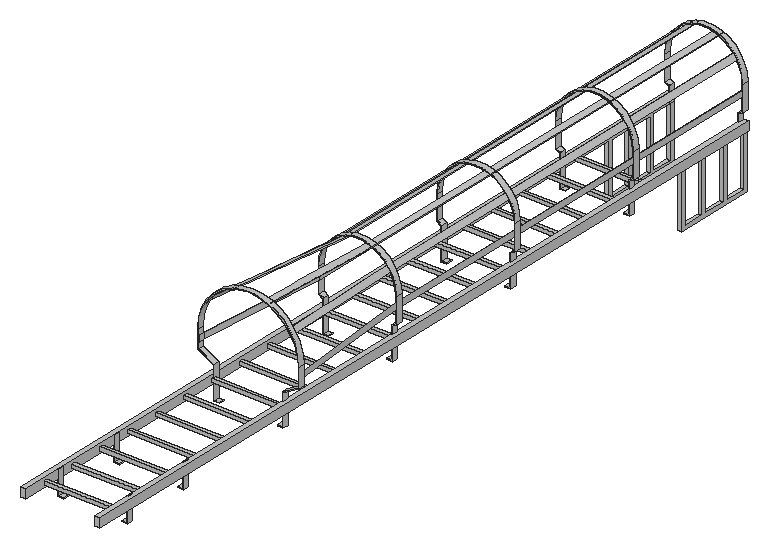
Revit family "70376275-2286-4562-be80-97e4037d315e", category Generic Models, Revit 2012
Parameters (values of type "24"" Wide")
  offset [instance] = 0' - 0"
  Bottom Wall Bracket Count [instance] = 2
  makerung [instance] = calcnumrung  # 20
  makecagebracket [instance] = 1 + ((Accomodation Height_Level to Level - Cage Starting Height - 0' 6" - 4' 0") / 4' 0")  # 3
  calcnumrung [instance] = Accomodation Height_Level to Level / 1' 0"  # 20
  cagevoidinset [instance] = if(Unit Width = 2' 0", 0' 2 19/256", 0' 0 147/256")  # 0' - 2 19/256"
  cagevoidangle3 [instance] = cagevoidangle1 + cagevoidangle2  # 63.00°
  cagevoidangle2 [instance] = 32.00°  # constant formula
  cagevoidangle1 [instance] = 31.00°  # constant formula
  cagebarinset [instance] = if(Unit Width = 2' 0", 0' 2 1/4", 0' 0 3/4")  # 0' - 2 1/4"
  Warranty Duration (Years) = 0
  Wall Bracket Spacing [instance] = 2' - 0"
  Unit Width = 2' - 0"
  Unit Height [instance] = Accomodation Height_Level to Level + 0' 8"  # 20' - 8"
  URL = "http://www.aclindustries.com/"
  Top Level to Ladder Wall Bracket CL = 0' - 6"  # constant formula
  Standards Conformance = "OSHA and ANSI A14.3"
  Specification = ""
  SpecWizard = ""
  Send Message = "http://www.arcat.com/users.pl?action=UserEmail&company=UPNOVR,+Inc.&coid=47852&rep=116&fax=&mf="
  Sales Information = "http://www.aclindustries.com/contact-us.html"
  Rung Spacing = 1' - 0"  # constant formula
  Revision = "R1_04-2013"
  Projection from Host [instance] = 0' - 7"
  Product Properties = ""
  Product Data = "http://www.arcat.com/arcatcos/cos47/arc47852.html"
  Model = "U-301"
  Manufacturer Website = "http://www.aclindustries.com/"
  Manufacturer Phone - Toll Free = ""
  Manufacturer Phone = "603-625-8639"
  Manufacturer Fax = ""
  Manufacturer Address = "3 Crane Way Hooksett, NH 03106"
  Manufacturer = "UPNOVR, Inc."
  Maintenance Schedule (Months) = 0
  Frame Material = Metal - UPNOVR - 6061-T6 Aluminum
  Frame Finish [instance] = Finish - UPNOVR - Mill
  Cage Starting Height [instance] = 7' - 0"
  Cage Diameter [instance] = Unit Width + 0' 3"  # 2' - 3"
  Cage Depth [instance] = Unit Width + 0' 3"  # 2' - 3"
  Cage Base Diameter [instance] = Unit Width + 0' 11"  # 2' - 11"
  Cage Base Depth [instance] = Unit Width + 0' 7"  # 2' - 7"
  Bottom Level to Ladder Stringer [instance] = 0' - 3"
  Keynote = "05510"
  Installation-Fabrication = ""
  Installation Phase = ""
  Green Building-LEED = "http://www.arcat.com/green/clients/leed_data_47852.html"
  Expected Lifespan (Years) = 0
  Drawn By = "Sumex Design, Inc. / Robert S. Weygant, CSI, CDT, SCIP"
  Description = "UPNOVR U-301 Roof Access Caged Vertical Aluminum Ladder"
  Default Elevation = 4' - 0"
  Copyright = "©Arcat Inc."
  Construction Details = ""
  Capacity = "1000 lbs per rung"
  Bottom Level to First Wall Bracket CL [instance] = 1' - 6"
  Bottom Level to First Rung Height [instance] = 1' - 0"
  Assembly Code = "E1090900"
  Accomodation Height_Level to Level [instance] = 20' - 0"
Types (2): name | cagevoidinset | cagebarinset | Unit Width | Cage Diameter | Cage Depth | Cage Base Diameter | Cage Base Depth
  24"" Wide | 0' - 2 19/256" | 0' - 2 1/4" | 2' - 0" | 2' - 3" | 2' - 3" | 2' - 11" | 2' - 7"
  18"" Wide | 0' - 0 147/256" | 0' - 0 3/4" | 1' - 6" | 1' - 9" | 1' - 9" | 2' - 5" | 2' - 1"
Reference planes (in)
  plane 1 "Center Elevation": y = 118
  plane 2 "Bottom": z = 0
  plane 3 "Center (Left/Right)": x = 0
  plane 4 "Bottom of Ladder": y = -20
  plane 5 "Top of Ladder": y = 259
  plane 6 "Left": x = -12
  plane 7 "Right": x = 12
  plane 8 "Top": z = 7
  plane 9 "Bottom Level": y = -23
  plane 10: y = 217
  plane 11: y = 211
  plane 12: y = -11
  plane 13: y = 1
  plane 14: y = 61
  plane 15: y = 109
  plane 16: z = 38
  plane 17: z = 34
  plane 18: x = -17.5
  plane 19: x = 17.5
  plane 20: x = 13.5
  plane 21: x = -13.5
  plane 22: z = 20.5
  plane 23: z = 11
  plane 24: z = 14.17543
  plane 25: y = 108
  plane 26: y = 61.25
  plane 27: y = 63
  plane 28: y = -5
  plane 29: y = 19
  plane 30: y = 258.75
  plane 31: y = 231
  plane 32: z = -13.5
  plane 33: y = 240.33333
  plane 34: y = 249.66667
Forms (in)
  Extrusion 1, solid, material "Finish - UPNOVR - Mill" <- "Frame Finish"
    sketch origin (0, 118, 0) x (1, 0, 0) y (0, 0, 1)
      loop
        line (-12, 8.5) -> (-13.75, 8.5) -> (-13.75, 5.5) -> (-12, 5.5) -> (-12, 8.5)
      loop
        line (12, 8.5) -> (12, 5.5) -> (13.75, 5.5) -> (13.75, 8.5) -> (12, 8.5)
    from -141 to 138
  Sweep 2, solid, material "Finish - UPNOVR - Mill" <- "Frame Finish"
    path origin (0, 118, 0) x (1, 0, 0) y (0, 0, 1)
      loop
        line (10, 0) -> (12, 0) -> (12, 11) -> (17.5, 14.17543) -> (17.5, 20.5)
        arc (17.5, 20.5) -> (0, 38) -> (-17.5, 20.5) r 17.5
        line (-17.5, 20.5) -> (-17.5, 14.17543) -> (-12, 11) -> (-12, 0) -> (-10, 0)
    profile origin (-11, 118, 0) x (0, 0, 1) y (0, -1, 0)
      loop
        line (0, 57) -> (0, 55) -> (0.25, 55) -> (0.25, 57) -> (0, 57)
  Blend 3, solid, material "Finish - UPNOVR - Mill" <- "Frame Finish"
    base sketch origin (0, 118, 0) x (1, 0, 0) y (0, 0, 1)
      loop
        line (-17.25, 16.42543) -> (-17, 16.42543) -> (-17, 20.5)
        arc (-17, 20.5) -> (0, 37.5) -> (17, 20.5) r 17
        line (17, 20.5) -> (17, 16.42543) -> (17.25, 16.42543) -> (17.25, 20.5)
        arc (17.25, 20.5) -> (0, 37.75) -> (-17.25, 20.5) r 17.25
        line (-17.25, 20.5) -> (-17.25, 16.42543)
    top sketch origin (0, 118, 0) x (1, 0, 0) y (0, 0, 1)
      loop
        line (-13.25, 16.42543) -> (-13, 16.42543) -> (-13, 20.5)
        arc (-13, 20.5) -> (0, 33.5) -> (13, 20.5) r 13
        line (13, 20.5) -> (13, 16.42543) -> (13.25, 16.42543) -> (13.25, 20.5)
        arc (13.25, 20.5) -> (0, 33.75) -> (-13.25, 20.5) r 13.25
        line (-13.25, 20.5) -> (-13.25, 16.42543)
    from 55 to 10
  Extrusion 4, void
    sketch origin (0, 118, 0) x (1, 0, 0) y (0, 0, 1)
      loop
        line (0, 20.5) -> (-22.38929, 33.95284) -> (-22.38929, 18.42578) -> (0, 18.42578) -> (0, 20.5)
    from -140.75 to 56.75
  Extrusion 5, void
    sketch origin (0, 118, 0) x (-1, 0, 0) y (0, 0, -1)
      loop
        line (0, -20.5) -> (0, -18.42578) -> (-22.38929, -18.42578) -> (-22.38929, -33.95284) -> (0, -20.5)
    from -140.75 to 56.75
  Extrusion 6, void
    sketch origin (0, 118, 0) x (1, 0, 0) y (0, 0, 1)
      loop
        line (0, 20.5) -> (-3.5, 22.60301) -> (-3.5, 20.5) -> (0, 20.5)
      loop
        line (-42.46232, 48.3472) -> (0, 22.83327) -> (-13, 48.3472) -> (-42.46232, 48.3472)
    from -140.75 to 56.75
  Extrusion 7, void
    sketch origin (0, 118, 0) x (-1, 0, 0) y (0, 0, -1)
      loop
        line (0, -20.5) -> (-3.5, -20.5) -> (-3.5, -22.60301) -> (0, -20.5)
      loop
        line (-42.46232, -48.3472) -> (-13, -48.3472) -> (0, -22.83327) -> (-42.46232, -48.3472)
    from -140.75 to 56.75
  Extrusion 8, void
    sketch origin (0, 118, 0) x (1, 0, 0) y (0, 0, 1)
      loop
        line (0, 27.22657) -> (8.32111, 43.55767) -> (0, 43.55767) -> (0, 27.22657)
      loop
        line (0, 20.5) -> (1.72932, 20.5) -> (1.72932, 23.89398) -> (0, 20.5)
    from -140.75 to 56.75
  Extrusion 9, void
    sketch origin (0, 118, 0) x (-1, 0, 0) y (0, 0, -1)
      loop
        line (0, -27.22657) -> (0, -43.55767) -> (8.32111, -43.55767) -> (0, -27.22657)
      loop
        line (0, -20.5) -> (1.72932, -23.89398) -> (1.72932, -20.5) -> (0, -20.5)
    from -140.75 to 56.75
  Extrusion 10, solid, material "Finish - UPNOVR - Mill" <- "Frame Finish"
    sketch origin (0, 118, 0) x (1, 0, 0) y (0, 0, 1)
      loop
        line (-17.25, 16.42543) -> (-17, 16.42543) -> (-17, 20.5)
        arc (-17, 20.5) -> (0, 37.5) -> (17, 20.5) r 17
        line (17, 20.5) -> (17, 16.42543) -> (17.25, 16.42543) -> (17.25, 20.5)
        arc (17.25, 20.5) -> (0, 37.75) -> (-17.25, 20.5) r 17.25
        line (-17.25, 20.5) -> (-17.25, 16.42543)
    from 55 to 56.75
  Extrusion 11, solid, material "Finish - UPNOVR - Mill" <- "Frame Finish"
    sketch origin (0, 118, 0) x (1, 0, 0) y (0, 0, 1)
      loop
        line (-13.25, 16.42543) -> (-13, 16.42543) -> (-13, 20.5)
        arc (-13, 20.5) -> (0, 33.5) -> (13, 20.5) r 13
        line (13, 20.5) -> (13, 16.42543) -> (13.25, 16.42543) -> (13.25, 20.5)
        arc (13.25, 20.5) -> (0, 33.75) -> (-13.25, 20.5) r 13.25
        line (-13.25, 20.5) -> (-13.25, 16.42543)
    from -140.75 to 10
  Sweep 12, solid, material "Finish - UPNOVR - Mill" <- "Frame Finish"
    path origin (0, 118, 0) x (1, 0, 0) y (0, 0, 1)
      loop
        line (-12, 5.75) -> (-12, 11) -> (-13.5, 11.86603) -> (-13.5, 20.5)
        arc (-13.5, 20.5) -> (0, 34) -> (13.5, 20.5) r 13.5
        line (13.5, 20.5) -> (13.5, 11.86603) -> (12, 11) -> (12, 5.75)
    profile origin (0, 118, 34) x (0, 0, 1) y (0, -1, 0)
      loop
        line (0, -141) -> (0, -139) -> (-0.25, -139) -> (-0.25, -141) -> (0, -141)
  Extrusion 13, solid, material "Finish - UPNOVR - Mill" <- "Frame Finish"
    sketch origin (12, 16.34522, 48) x (0, 1, 0) y (0, 0, 1)
      loop
        line (242.65478, -41) -> (241.40478, -41) -> (241.40478, -60.25) -> (233.94645, -60.25) -> (233.94645, -41) -> (232.69645, -41) -> (232.69645, -60.25) -> (224.61311, -60.25) -> (224.61311, -41) -> (223.36311, -41) -> (223.36311, -60.25) -> (215.90478, -60.25) -> (215.90478, -41) -> (214.65478, -41) -> (214.65478, -61.5) -> (242.65478, -61.5) -> (242.65478, -41)
    from 0 to 1.25
  Extrusion 14, solid, material "Finish - UPNOVR - Mill" <- "Frame Finish"
    sketch origin (-12, 16.34522, 48) x (0, 1, 0) y (0, 0, 1)
      loop
        line (242.65478, -41) -> (241.40478, -41) -> (241.40478, -60.25) -> (233.94645, -60.25) -> (233.94645, -41) -> (232.69645, -41) -> (232.69645, -60.25) -> (224.61311, -60.25) -> (224.61311, -41) -> (223.36311, -41) -> (223.36311, -60.25) -> (215.90478, -60.25) -> (215.90478, -41) -> (214.65478, -41) -> (214.65478, -61.5) -> (242.65478, -61.5) -> (242.65478, -41)
    from 0 to -1.25
Cuts and joins
  Extrusion 4, Extrusion 5, Extrusion 6, Extrusion 7, Extrusion 8, Extrusion 9 cuts Blend 3
  Extrusion 4, Extrusion 5, Extrusion 6, Extrusion 7, Extrusion 8, Extrusion 9 cuts Extrusion 10
  Extrusion 4, Extrusion 5, Extrusion 6, Extrusion 7, Extrusion 8, Extrusion 9 cuts Extrusion 11
  joined: Blend 3, Extrusion 10, Extrusion 11
  joined: Extrusion 1, Extrusion 13, Extrusion 14
Lines and regions (in)
  reference lines
    curve 1: line (-12, 61, 7) -> (-12, 61, 11)
    curve 2: line (-12, 61, 11) -> (-17.5, 61, 14.17543)
    curve 3: arc (-17.5, 61, 20.5) -> (0, 61, 38) -> (17.5, 61, 20.5) r 17.5
    curve 4: line (-17.5, 61, 20.5) -> (-17.5, 61, 14.17543)
    curve 5: line (12, 61, 7) -> (12, 61, 11)
    curve 6: line (12, 61, 11) -> (17.5, 61, 14.17543)
    curve 7: line (17.5, 61, 14.17543) -> (17.5, 61, 20.5)
    curve 8: arc (-13.5, 61, 20.5) -> (0, 61, 34) -> (13.5, 61, 20.5) r 13.5
    curve 9: line (-13.5, 61, 20.5) -> (-13.5, 61, 11.86603)
    curve 10: line (13.5, 61, 20.5) -> (13.5, 61, 11.86603)
  symbolic lines, style "GenericModelHiddenLines"
    curve 11: line (-12, 118, 11) -> (-17.5, 118, 14.17543)
    curve 12: line (-12, 118, 7) -> (-12, 118, 11)
    curve 13: line (-17.5, 118, 20.5) -> (-17.5, 118, 14.17543)
    curve 14: arc (-17.5, 118, 20.5) -> (0, 118, 38) -> (17.5, 118, 20.5) r 17.5
    curve 15: line (17.5, 118, 14.17543) -> (17.5, 118, 20.5)
    curve 16: line (12, 118, 11) -> (17.5, 118, 14.17543)
    curve 17: line (12, 118, 7) -> (12, 118, 11)
Dimensions and locks (in)
  equal spacing: plane 6 "Left", plane 3 "Center (Left/Right)", plane 7 "Right"
  "Unit Width": plane 6 "Left" to plane 7 "Right"
  equal spacing: plane 5 "Top of Ladder", plane 1 "Center Elevation", plane 9 "Bottom Level"
  "Projection from Host": plane 8 "Top" to level
  "Bottom Level to Ladder Stringer": plane 4 "Bottom of Ladder" to plane 9 "Bottom Level"
  "Accomodation Height_Level to Level": plane 10 to plane 9 "Bottom Level"
  locked: plane 10 to plane 11 at 6
  "Bottom Level to First Rung Height": plane 9 "Bottom Level" to plane 12
  locked: plane 5 "Top of Ladder" to plane 10 at 42
  "Rung Spacing": plane 12 to plane 13
  locked: plane 15 to plane 14 at 48
  "Cage Starting Height": plane 14 to plane 9 "Bottom Level"
  "Cage Base Depth": plane 16 to plane 8 "Top"
  "Cage Depth": plane 17 to plane 8 "Top"
  equal spacing: plane 19, plane 3 "Center (Left/Right)", plane 18
  equal spacing: plane 20, plane 3 "Center (Left/Right)", plane 21
  "Cage Base Diameter": plane 19 to plane 18
  "Cage Diameter": plane 20 to plane 21
  equal spacing: plane 17, plane 22, plane 8 "Top"
  plane 24 to plane 23 to plane 8 "Top" = 0' - 3.17543" locked, 0' - 4" locked
  equal spacing: group 1, group 2, group 3, group 4, group 5, group 6, group 7, group 8, group 9, group 10, group 11, group 12, group 13, group 14, group 15, group 16, group 17, group 18, group 19, group 20  (x3)
  locked: plane 14 to Sweep 2 sketch curve at 2
  equal spacing: group 21, group 23, group 22  (x3)
  curve 4 to Blend 3 sketch curve to Blend 3 sketch curve = 0' - 0 1/4" locked, 0' - 0 1/4" locked
  curve 7 to Blend 3 sketch curve to Blend 3 sketch curve = 0' - 0 1/4" locked, 0' - 0 1/4" locked
  "cagebarinset": Blend 3 sketch curve to plane 24  (x4)
  plane 16 to Blend 3 sketch curve to Blend 3 sketch curve = 0' - 0 1/4" locked, 0' - 0 1/4" locked
  plane 17 to Blend 3 sketch curve to Blend 3 sketch curve = 0' - 0 1/4" locked, 0' - 0 1/4" locked
  curve 9 to Blend 3 sketch curve to Blend 3 sketch curve = 0' - 0 1/4" locked, 0' - 0 1/4" locked
  Blend 3 sketch curve to Blend 3 sketch curve to curve 10 = 0' - 0 1/4" locked, 0' - 0 1/4" locked
  locked: plane 25 to plane 15 at 1
  locked: plane 14 to plane 26 at 0.25
  "cagevoidinset": plane 22 to Extrusion 4 sketch curve
  "cagevoidinset": plane 22 to Extrusion 5 sketch curve
  locked: plane 14 to plane 27 at 2
  locked: Extrusion 6 sketch curve to Extrusion 6 sketch curve at 2
  locked: Extrusion 7 sketch curve to Extrusion 7 sketch curve at 2
  locked: Extrusion 8 sketch curve to Extrusion 8 sketch curve at 3.0538
  locked: Extrusion 9 sketch curve to Extrusion 9 sketch curve at 3.0538
  plane 16 to Extrusion 10 sketch curve to Extrusion 10 sketch curve = 0' - 0 1/4" locked, 0' - 0 1/4" locked
  curve 7 to Extrusion 10 sketch curve to Extrusion 10 sketch curve = 0' - 0 1/4" locked, 0' - 0 1/4" locked
  curve 4 to Extrusion 10 sketch curve to Extrusion 10 sketch curve = 0' - 0 1/4" locked, 0' - 0 1/4" locked
  curve 9 to Extrusion 11 sketch curve to Extrusion 11 sketch curve = 0' - 0 1/4" locked, 0' - 0 1/4" locked
  Extrusion 11 sketch curve to Extrusion 11 sketch curve to curve 10 = 0' - 0 1/4" locked, 0' - 0 1/4" locked
  plane 17 to Extrusion 11 sketch curve to Extrusion 11 sketch curve = 0' - 0 1/4" locked, 0' - 0 1/4" locked
  "Bottom Level to First Wall Bracket CL": plane 28 to plane 9 "Bottom Level"
  "Wall Bracket Spacing": plane 29 to plane 28
  group 24 to group 25 = 0' - 0"  (x2)
  group 24 to group 25 = 2' - 0"
  locked: plane 17 to Sweep 12 sketch curve at 0
  locked: plane 8 "Top" to Sweep 12 sketch curve at 1.25  (x2)
  locked: Sweep 12 sketch curve to plane 5 "Top of Ladder" at 2
  locked: plane 30 to plane 5 "Top of Ladder" at 0.25
  locked: plane 31 to plane 5 "Top of Ladder" at 28
  locked: plane 8 "Top" to plane 32 at 20.5
  equal spacing: plane 31, plane 33, plane 34, plane 5 "Top of Ladder"
  locked: plane 31 to Extrusion 13 sketch curve at 1.25
  locked: Extrusion 13 sketch curve to Extrusion 13 sketch curve at 1.25  (x2)
  locked: Extrusion 13 sketch curve to plane 33 at 0.625
  locked: Extrusion 13 sketch curve to plane 34 at 0.625
  locked: Extrusion 13 sketch curve to plane 5 "Top of Ladder" at 1.25
  locked: Extrusion 13 sketch curve to plane 32 at 1.25  (x3)
  locked: Extrusion 14 sketch curve to Extrusion 14 sketch curve at 1.25  (x2)
  locked: Extrusion 14 sketch curve to plane 33 at 0.625
  locked: Extrusion 14 sketch curve to plane 34 at 0.625
  locked: plane 31 to Extrusion 14 sketch curve at 1.25
  locked: Extrusion 14 sketch curve to plane 5 "Top of Ladder" at 1.25
  locked: Extrusion 14 sketch curve to plane 32 at 1.25  (x3)
  locked: plane 6 "Left" to curve 2 (angle 60.00°)
  locked: curve 6 to plane 7 "Right" (angle 60.00°)
  "cagevoidangle1": angle Extrusion 4 sketch curve to plane 22
  "cagevoidangle1": angle plane 22 to Extrusion 5 sketch curve
  "cagevoidangle1": angle Extrusion 6 sketch curve to plane 22
  "cagevoidangle2": angle Extrusion 6 sketch curve to Extrusion 6 sketch curve
  "cagevoidangle2": angle Extrusion 7 sketch curve to Extrusion 7 sketch curve
  "cagevoidangle1": angle plane 22 to Extrusion 7 sketch curve
  "cagevoidangle3": angle plane 22 to Extrusion 8 sketch curve
  "cagevoidangle3": angle Extrusion 9 sketch curve to plane 22
  aligned and locked: Extrusion 1 to plane 4 "Bottom of Ladder"
  aligned and locked: plane 5 "Top of Ladder" to Extrusion 1
  aligned and locked: plane 12 to nested 1
  aligned and locked: plane 8 "Top" to nested 1
  aligned and locked: plane 3 "Center (Left/Right)" to nested 1
  aligned and locked: plane 3 "Center (Left/Right)" to nested 2
  aligned and locked: nested 2 to plane 13
  aligned and locked: plane 8 "Top" to nested 2
  aligned and locked: Sweep 2 sketch curve to plane 14
  aligned and locked: plane 3 "Center (Left/Right)" to nested 21
  aligned and locked: nested 21 to plane 15
  aligned and locked: nested 22 to plane 11
  aligned and locked: plane 3 "Center (Left/Right)" to nested 22
  aligned and locked: Blend 3 to plane 25
  aligned and locked: Extrusion 4 to plane 26
  aligned and locked: Extrusion 5 to plane 26
  aligned and locked: Blend 3 to plane 27
  aligned and locked: Extrusion 6 to plane 26
  aligned and locked: Extrusion 8 to plane 26
  aligned and locked: Extrusion 9 sketch curve to plane 3 "Center (Left/Right)"
  aligned and locked: Extrusion 10 to plane 26
  aligned and locked: Extrusion 10 to plane 27
  aligned and locked: Extrusion 10 sketch curve to cut or joined group 1 (Blend 3, Extrusion 4, Extrusion 5, Extrusion 6, Extrusion 7, Extrusion 8, Extrusion 9, Extrusion 10, Extrusion 11)  (x2)
  aligned and locked: Extrusion 11 sketch curve to cut or joined group 1
  aligned and locked: cut or joined group 1 to Extrusion 11 sketch curve
  aligned and locked: plane 25 to Extrusion 11
  aligned and locked: Extrusion 7 to plane 26
  aligned and locked: Extrusion 9 to plane 26
  aligned and locked: nested 24 to plane 28
  aligned and locked: plane 3 "Center (Left/Right)" to nested 24
  aligned and locked: plane 3 "Center (Left/Right)" to nested 25
  aligned and locked: nested 25 to plane 29
  aligned and locked: plane 30 to Extrusion 11
  aligned and locked: plane 30 to Extrusion 7
  aligned and locked: plane 30 to Extrusion 5
  aligned and locked: plane 30 to Extrusion 8
  aligned and locked: plane 30 to Extrusion 6
  aligned and locked: plane 30 to Extrusion 9
  aligned and locked: plane 30 to Extrusion 4
  aligned and locked: Extrusion 13 sketch curve to plane 31
  aligned and locked: Extrusion 13 sketch curve to plane 5 "Top of Ladder"
  aligned and locked: plane 8 "Top" to Extrusion 13 sketch curve  (x3)
  aligned and locked: Extrusion 13 sketch curve to plane 8 "Top"
  aligned and locked: plane 32 to Extrusion 13 sketch curve
  aligned and locked: Extrusion 14 sketch curve to plane 31
  aligned and locked: Extrusion 14 sketch curve to plane 5 "Top of Ladder"
  aligned and locked: plane 32 to Extrusion 14 sketch curve
  aligned and locked: plane 8 "Top" to Extrusion 14 sketch curve  (x3)
  aligned and locked: Extrusion 14 sketch curve to plane 8 "Top"
  aligned: curve 17 to curve 5
Automatic sketch dimensions
  Extrusion 1 sketch curve to plane 6 "Left" = 0' - 0"
  Extrusion 1 sketch curve to plane 7 "Right" = 0' - 0"
  Extrusion 1 sketch curve to plane 21 = 0' - 0 1/4"
  plane 20 to Extrusion 1 sketch curve = 0' - 0 1/4"
  Extrusion 1 sketch curve to plane 8 "Top" = 0' - 1 1/2"  (x2)
  plane 8 "Top" to Extrusion 1 sketch curve = 0' - 1 1/2"  (x2)
  Sweep 2 sketch curve to plane 18 = 0' - 0"
  Sweep 2 sketch curve to plane 6 "Left" = 0' - 0"
  Sweep 2 sketch curve to level = 0' - 0"  (x2)
  Sweep 2 sketch curve to plane 3 "Center (Left/Right)" = 0' - 0"
  Sweep 2 sketch curve to plane 7 "Right" = 0' - 0"
  Sweep 2 sketch curve to plane 23 = 0' - 0"  (x2)
  Sweep 2 sketch curve to plane 24 = 0' - 0"  (x2)
  Sweep 2 sketch curve to plane 22 = 0' - 0"
  plane 6 "Left" to Sweep 2 sketch curve = 0' - 2"
  Sweep 2 sketch curve to Sweep 2 sketch curve = 0' - 2"
  Sweep 2 sketch curve to profile plane = 0' - 0"
  Sweep 2 sketch curve to Sweep 2 sketch curve = 0' - 0 1/4"
  Extrusion 4 sketch curve to plane 3 "Center (Left/Right)" = 0' - 0"
  Extrusion 4 sketch curve to plane 22 = 0' - 0"
  Extrusion 4 sketch curve to plane 18 = 0' - 4.88929"
  Extrusion 5 sketch curve to plane 3 "Center (Left/Right)" = 0' - 0"
  Extrusion 5 sketch curve to plane 22 = 0' - 0"
  Extrusion 5 sketch curve to plane 19 = 0' - 4.88929"
  Extrusion 6 sketch curve to plane 22 = 0' - 0"
  Extrusion 6 sketch curve to plane 3 "Center (Left/Right)" = 0' - 0"  (x2)
  Extrusion 6 sketch curve to Extrusion 6 sketch curve = 0' - 3 1/2"
  Extrusion 6 sketch curve to plane 6 "Left" = 0' - 1"
  Extrusion 7 sketch curve to plane 22 = 0' - 0"
  Extrusion 7 sketch curve to plane 3 "Center (Left/Right)" = 0' - 0"  (x2)
  Extrusion 7 sketch curve to Extrusion 7 sketch curve = 0' - 3 1/2"
  Extrusion 7 sketch curve to plane 7 "Right" = 0' - 1"
  Extrusion 8 sketch curve to plane 3 "Center (Left/Right)" = 0' - 0"  (x2)
  Extrusion 8 sketch curve to plane 22 = 0' - 0"
  plane 3 "Center (Left/Right)" to Extrusion 8 sketch curve = 0' - 1.72932"
  Extrusion 8 sketch curve to plane 7 "Right" = 0' - 3.67889"
  Extrusion 9 sketch curve to plane 3 "Center (Left/Right)" = 0' - 0"
  Extrusion 9 sketch curve to plane 22 = 0' - 0"
  plane 3 "Center (Left/Right)" to Extrusion 9 sketch curve = 0' - 1.72932"
  Extrusion 9 sketch curve to plane 6 "Left" = 0' - 3.67889"
  curve 3 to curve 8 = 0' - 0"  (x2)
  curve 6 to plane 19 = 0' - 0"
  curve 8 to plane 20 = 0' - 0"
  curve 6 to plane 7 "Right" = 0' - 0"
  curve 3 to plane 3 "Center (Left/Right)" = 0' - 0"
  curve 2 to plane 6 "Left" = 0' - 0"
  curve 5 to plane 8 "Top" = 0' - 0"
  curve 1 to plane 8 "Top" = 0' - 0"
  curve 6 to plane 23 = 0' - 0"
  curve 2 to plane 23 = 0' - 0"
  curve 4 to plane 22 = 0' - 0"
  Sweep 12 sketch curve to plane 21 = 0' - 0"
  Sweep 12 sketch curve to plane 6 "Left" = 0' - 0"
  Sweep 12 sketch curve to plane 3 "Center (Left/Right)" = 0' - 0"
  Sweep 12 sketch curve to plane 7 "Right" = 0' - 0"
  Sweep 12 sketch curve to plane 23 = 0' - 0"  (x2)
  Sweep 12 sketch curve to plane 23 = 0' - 0.86603"  (x2)
  Sweep 12 sketch curve to profile plane = 0' - 0"
  Sweep 12 sketch curve to Sweep 12 sketch curve = 0' - 0 1/4"
  Sweep 12 sketch curve to Sweep 12 sketch curve = 0' - 2"
  curve 11 to plane 18 = 0' - 0"
  curve 12 to plane 6 "Left" = 0' - 0"
  curve 12 to plane 8 "Top" = 0' - 0"
  curve 12 to plane 23 = 0' - 0"
  curve 13 to plane 24 = 0' - 0"
  curve 14 to plane 3 "Center (Left/Right)" = 0' - 0"
  curve 14 to plane 22 = 0' - 0"
  curve 15 to plane 24 = 0' - 0"
  curve 17 to plane 7 "Right" = 0' - 0"
  curve 17 to plane 8 "Top" = 0' - 0"
  curve 17 to plane 23 = 0' - 0"
Nested families (in)
  nested 1: "Rung" at (0, -11, 7), width <- "Unit Width", finish <- "Frame Finish", type "Rung"
    with width 2' - 0", finish Finish - UPNOVR - Mill
  nested 2: "Rung" at (0, 1, 7), width <- "Unit Width", finish <- "Frame Finish", type "Rung"
    with width 2' - 0", finish Finish - UPNOVR - Mill
  nested 3: "Rung" at (0, 13, 7), width <- "Unit Width", finish <- "Frame Finish", type "Rung"
    with width 2' - 0", finish Finish - UPNOVR - Mill
  nested 4: "Rung" at (0, 25, 7), width <- "Unit Width", finish <- "Frame Finish", type "Rung"
    with width 2' - 0", finish Finish - UPNOVR - Mill
  nested 5: "Rung" at (0, 37, 7), width <- "Unit Width", finish <- "Frame Finish", type "Rung"
    with width 2' - 0", finish Finish - UPNOVR - Mill
  nested 6: "Rung" at (0, 49, 7), width <- "Unit Width", finish <- "Frame Finish", type "Rung"
    with width 2' - 0", finish Finish - UPNOVR - Mill
  nested 7: "Rung" at (0, 61, 7), width <- "Unit Width", finish <- "Frame Finish", type "Rung"
    with width 2' - 0", finish Finish - UPNOVR - Mill
  nested 8: "Rung" at (0, 73, 7), width <- "Unit Width", finish <- "Frame Finish", type "Rung"
    with width 2' - 0", finish Finish - UPNOVR - Mill
  nested 9: "Rung" at (0, 85, 7), width <- "Unit Width", finish <- "Frame Finish", type "Rung"
    with width 2' - 0", finish Finish - UPNOVR - Mill
  nested 10: "Rung" at (0, 97, 7), width <- "Unit Width", finish <- "Frame Finish", type "Rung"
    with width 2' - 0", finish Finish - UPNOVR - Mill
  nested 11: "Rung" at (0, 109, 7), width <- "Unit Width", finish <- "Frame Finish", type "Rung"
    with width 2' - 0", finish Finish - UPNOVR - Mill
  nested 12: "Rung" at (0, 121, 7), width <- "Unit Width", finish <- "Frame Finish", type "Rung"
    with width 2' - 0", finish Finish - UPNOVR - Mill
  nested 13: "Rung" at (0, 133, 7), width <- "Unit Width", finish <- "Frame Finish", type "Rung"
    with width 2' - 0", finish Finish - UPNOVR - Mill
  nested 14: "Rung" at (0, 145, 7), width <- "Unit Width", finish <- "Frame Finish", type "Rung"
    with width 2' - 0", finish Finish - UPNOVR - Mill
  nested 15: "Rung" at (0, 157, 7), width <- "Unit Width", finish <- "Frame Finish", type "Rung"
    with width 2' - 0", finish Finish - UPNOVR - Mill
  nested 16: "Rung" at (0, 169, 7), width <- "Unit Width", finish <- "Frame Finish", type "Rung"
    with width 2' - 0", finish Finish - UPNOVR - Mill
  nested 17: "Rung" at (0, 181, 7), width <- "Unit Width", finish <- "Frame Finish", type "Rung"
    with width 2' - 0", finish Finish - UPNOVR - Mill
  nested 18: "Rung" at (0, 193, 7), width <- "Unit Width", finish <- "Frame Finish", type "Rung"
    with width 2' - 0", finish Finish - UPNOVR - Mill
  nested 19: "Rung" at (0, 205, 7), width <- "Unit Width", finish <- "Frame Finish", type "Rung"
    with width 2' - 0", finish Finish - UPNOVR - Mill
  nested 20: "Rung" at (0, 217, 7), width <- "Unit Width", finish <- "Frame Finish", type "Rung"
    with width 2' - 0", finish Finish - UPNOVR - Mill
  nested 21: "CageWallBracket" at (0, 109, 0), width <- "Unit Width", finish <- "Frame Finish", projection <- "Projection from Host", type "CageWallBracket"
    with width 2' - 0", projection 0' - 7", finish Finish - UPNOVR - Mill, cage diameter 2' - 3", cage depth 2' - 3", cage base diameter 2' - 11", cage base depth 2' - 7"
  nested 22: "CageWallBracket" at (0, 211, 0), width <- "Unit Width", finish <- "Frame Finish", projection <- "Projection from Host", type "CageWallBracket"
    with width 2' - 0", projection 0' - 7", finish Finish - UPNOVR - Mill, cage diameter 2' - 3", cage depth 2' - 3", cage base diameter 2' - 11", cage base depth 2' - 7"
  nested 23: "CageWallBracket" at (0, 160, 0), width <- "Unit Width", finish <- "Frame Finish", projection <- "Projection from Host", type "CageWallBracket"
    with width 2' - 0", projection 0' - 7", finish Finish - UPNOVR - Mill, cage diameter 2' - 3", cage depth 2' - 3", cage base diameter 2' - 11", cage base depth 2' - 7"
  nested 24: "Wall Bracket" at (0, -5, 0), finish <- "Frame Finish", width <- "Unit Width", projection <- "Projection from Host", type "Wall Bracket"
    with width 2' - 0", projection 0' - 7", finish Finish - UPNOVR - Mill
  nested 25: "Wall Bracket" at (0, 19, 0), finish <- "Frame Finish", width <- "Unit Width", projection <- "Projection from Host", type "Wall Bracket"
    with width 2' - 0", projection 0' - 7", finish Finish - UPNOVR - Mill
Definition of nested family "Rung"
  Parameters
    width [instance] = 2' - 0"
    finish [instance] = none
    Default Elevation = 4' - 0"
  Reference planes (in)
    plane 1 "Center (Front/Back)": y = 0
    plane 2: z = 0
    plane 3 "Center (Left/Right)": x = 0
    plane 4: x = -12
    plane 5: x = 12
  Forms (in)
    Extrusion 1, solid, material <- "finish"
      sketch origin (0, 0, 0) x (0, 1, 0) y (0, 0, 1)
        loop
          line (0, 0.625) -> (-1.25, 0.625) -> (-1.25, -0.625) -> (0, -0.625) -> (0, 0.625)
      from -12 to 12
  Dimensions and locks (in)
    equal spacing: plane 4, plane 3 "Center (Left/Right)", plane 5
    "width": plane 4 to plane 5
    aligned and locked: plane 5 to Extrusion 1
    aligned and locked: Extrusion 1 to plane 4
  Automatic sketch dimensions
    plane 1 "Center (Front/Back)" to Extrusion 1 sketch curve = 0' - 1 1/4"
    Extrusion 1 sketch curve to level = 0' - 0 5/8"
    Extrusion 1 sketch curve to plane 1 "Center (Front/Back)" = 0' - 0"
    Extrusion 1 sketch curve to Extrusion 1 sketch curve = 0' - 1 1/4"
Definition of nested family "CageWallBracket"
  Parameters
    width [instance] = 2' - 0"
    projection [instance] = 0' - 10 107/256"
    finish [instance] = none
    cage diameter [instance] = width + 0' 3"  # 2' - 3"
    cage depth [instance] = width + 0' 3"  # 2' - 3"
    cage base diameter [instance] = width + 0' 11"  # 2' - 11"
    cage base depth [instance] = width + 0' 7"  # 2' - 7"
  Reference planes (in)
    plane 1 "Center (Front/Back)": y = 0
    plane 2: z = 0
    plane 3 "Center (Left/Right)": x = 0
    plane 4: x = -12
    plane 5: x = 12
    plane 6: z = 10.41797
    plane 7: z = 14.41797
    plane 8: z = 37.41797
    plane 9: z = 41.41797
    plane 10: x = -13.5
    plane 11: x = 13.5
    plane 12: x = -17.5
    plane 13: x = 17.5
    plane 14: z = 17.5934
  Forms (in)
    Sweep 1, solid, material <- "finish"
      path origin (0, 0, 0) x (1, 0, 0) y (0, 0, 1)
        loop
          line (10, 0) -> (12, 0) -> (12, 14.41797) -> (13.5, 15.28399) -> (13.5, 23.91797)
          arc (13.5, 23.91797) -> (0, 37.41797) -> (-13.5, 23.91797) r 13.5
          line (-13.5, 23.91797) -> (-13.5, 15.28399) -> (-12, 14.41797) -> (-12, 0) -> (-10, 0)
      profile origin (-11, 0, 0) x (0, 0, 1) y (0, -1, 0)
        loop
          line (0, -1) -> (0.25, -1) -> (0.25, 1) -> (0, 1) -> (0, -1)
  Lines and regions (in)
    reference lines
      curve 1: line (-12, 0, 0) -> (-10, 0, 0)
      curve 2: line (-12, 0, 0) -> (-12, 0, 14.41797)
      curve 3: line (-12, 0, 14.41797) -> (-17.5, 0, 17.5934)
      curve 4: arc (-17.5, 0, 23.91797) -> (0, 0, 41.41797) -> (17.5, 0, 23.91797) r 17.5
      curve 5: line (-17.5, 0, 23.91797) -> (-17.5, 0, 17.5934)
      curve 6: line (17.5, 0, 23.91797) -> (17.5, 0, 17.5934)
      curve 7: line (17.5, 0, 17.5934) -> (12, 0, 14.41797)
      curve 8: line (12, 0, 14.41797) -> (12, 0, 0)
      curve 9: line (12, 0, 0) -> (10, 0, 0)
      curve 10: line (-13.5, 0, 15.28399) -> (-13.5, 0, 23.91797)
      curve 11: arc (-13.5, 0, 23.91797) -> (0, 0, 37.41797) -> (13.5, 0, 23.91797) r 13.5
      curve 12: line (13.5, 0, 23.91797) -> (13.5, 0, 15.28399)
  Dimensions and locks (in)
    equal spacing: plane 4, plane 3 "Center (Left/Right)", plane 5
    "width": plane 4 to plane 5
    "projection": plane 6 to level
    equal spacing: plane 10, plane 3 "Center (Left/Right)", plane 11
    "cage diameter": plane 10 to plane 11
    equal spacing: plane 12, plane 3 "Center (Left/Right)", plane 13
    "cage base diameter": plane 12 to plane 13
    "cage depth": plane 8 to plane 6
    "cage base depth": plane 9 to plane 6
    locked: plane 7 to plane 6 at 4
    locked: plane 14 to plane 7 at 3.17543
    locked: plane 9 to curve 4 at 0
    locked: plane 8 to curve 11 at 0
    locked: plane 8 to Sweep 1 sketch curve at 0
  Automatic sketch dimensions
    curve 4 to curve 11 = 0' - 0"  (x2)
    curve 10 to plane 10 = 0' - 0"
    curve 3 to plane 4 = 0' - 0"
    curve 1 to level = 0' - 0"
    curve 9 to level = 0' - 0"
    curve 8 to plane 5 = 0' - 0"
    curve 12 to plane 11 = 0' - 0"
    curve 2 to plane 7 = 0' - 0"
    curve 7 to plane 7 = 0' - 0"
    curve 6 to plane 14 = 0' - 0"
    curve 3 to plane 14 = 0' - 0"
    plane 4 to curve 1 = 0' - 2"
    curve 9 to curve 8 = 0' - 2"
    Sweep 1 sketch curve to level = 0' - 0"  (x2)
    plane 4 to Sweep 1 sketch curve = 0' - 2"
    Sweep 1 sketch curve to plane 4 = 0' - 0"
    Sweep 1 sketch curve to plane 7 = 0' - 0"  (x2)
    Sweep 1 sketch curve to plane 14 = 0' - 2.3094"  (x2)
    Sweep 1 sketch curve to plane 10 = 0' - 0"
    Sweep 1 sketch curve to plane 11 = 0' - 0"
    Sweep 1 sketch curve to plane 5 = 0' - 0"
    Sweep 1 sketch curve to Sweep 1 sketch curve = 0' - 2"
    Sweep 1 sketch curve to profile plane = 0' - 0"
    Sweep 1 sketch curve to plane 1 "Center (Front/Back)" = 0' - 1"
    Sweep 1 sketch curve to profile plane = 0' - 0 1/4"
    plane 1 "Center (Front/Back)" to Sweep 1 sketch curve = 0' - 1"
Definition of nested family "Wall Bracket"
  Parameters
    width [instance] = 1' - 4"
    projection [instance] = 0' - 8.62102"
    finish [instance] = none
  Reference planes (in)
    plane 1 "Center (Front/Back)": y = 0
    plane 2: z = 0
    plane 3 "Center (Left/Right)": x = 0
    plane 4: x = -8
    plane 5: x = 8
    plane 6: z = 8.62102
    plane 7: z = 9.99602
  Forms (in)
    Extrusion 1, solid, material <- "finish"
      sketch origin (0, 0, 0) x (1, 0, 0) y (0, 0, 1)
        loop
          line (-8, 9.99602) -> (-8, 0) -> (-6, 0) -> (-6, 0.25) -> (-7.75, 0.25) -> (-7.75, 9.99602) -> (-8, 9.99602)
        loop
          line (8, 9.99602) -> (7.75, 9.99602) -> (7.75, 0.25) -> (6, 0.25) -> (6, 0) -> (8, 0) -> (8, 9.99602)
      from 1 to -1
  Dimensions and locks (in)
    equal spacing: plane 5, plane 3 "Center (Left/Right)", plane 4
    "width": plane 5 to plane 4
    Extrusion 1 sketch curve to Extrusion 1 sketch curve to Extrusion 1 sketch curve = 0' - 1 3/4" locked, 0' - 0 1/4" locked
    Extrusion 1 sketch curve to Extrusion 1 sketch curve to Extrusion 1 sketch curve = 0' - 0 1/4" locked, 0' - 1 3/4" locked
    plane 7 to plane 6 = 0' - 1 3/8"
    "projection": plane 6 to level
    aligned and locked: Extrusion 1 sketch curve to plane 5
    aligned and locked: Extrusion 1 sketch curve to plane 4
    aligned and locked: plane 7 to Extrusion 1 sketch curve
    aligned and locked: Extrusion 1 sketch curve to plane 7
  Automatic sketch dimensions
    Extrusion 1 sketch curve to level = 0' - 0"  (x2)
    Extrusion 1 sketch curve to Extrusion 1 sketch curve = 0' - 0 1/4"  (x2)
